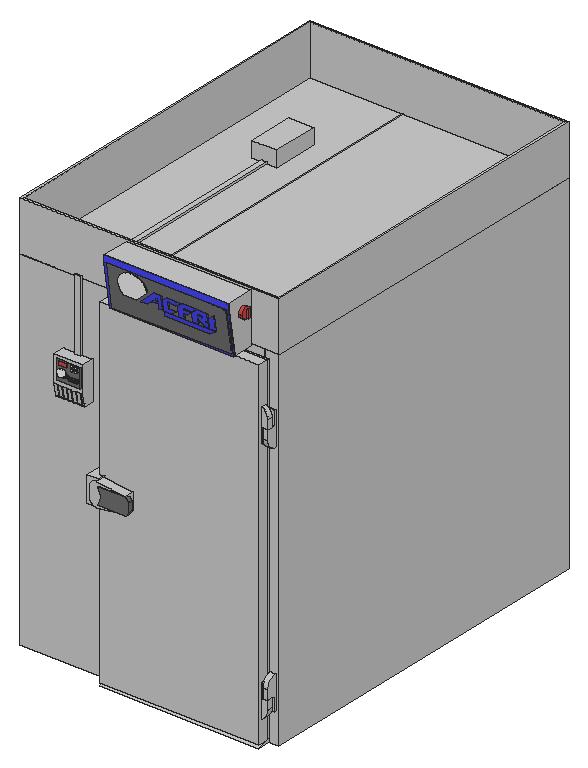
Revit family "QF_ACFRI_AR480-P850.190709093202", category Specialty Equipment, Revit 2016
Family settings
  Part Type = Normal
  Round Connector Dimension = Use Diameter
  OmniClass Number = 23.40.40.14
  OmniClass Title = Food Service Equipment
  Work Plane-Based = No
  Always vertical = Yes
  Cut with Voids When Loaded = No
  Shared = No
  Room Calculation Point = No
Parameters (values of type "AR480-P850_400V/3Ph/50Hz")
  URL catalogue = ""
  URL = "www.acfri.com"
  Type de Raccord Electrique [instance] = ""
  Type article [instance] = ""
  Tension = 400 V
  Status [instance] = ""
  Spécification technique = ""
  Spécification du Fabricant [instance] = ""
  Spécification de l'Utilisateur [instance] = ""
  SMACNA No spécifique pour les matériaux  Etats Unis = ""
  Quantité par lot [instance] = no
  Puissance électrique  = 21314 W
  Puissance en CV = ""
  Puissance Apparente = 21314 VA
  Protection de l'Appareil = 0 A
  Profondeur hors tout = 2050 mm
  Poids net à vide = 0.00 kg
  Phase = 3
  Numéro de Série = ""
  Nombres de Pôles = 3
  Nombre d'identification NAFEM = ""
  Model = "AR480-P850"
  Manufacturer = "ACFRI"
  Longueur hors tout = 1466 mm
  Intensité nominale courant electrique = 11 A
  Installé Par [instance] = ""
  Identifiant Equipement [instance] = no
  Hauteur hors tout = 2270 mm
  Hauteur de Raccordement du Sol Finis [instance] = 2032 mm
  Hauteur de Raccordement du Sol Brut [instance] = 0 mm
  Fréquence = 50 Hz
  Fournis Par [instance] = ""
  Description = "GROUPE À AIR À DISTANCE BASIC"
  Câble de connexion à l'appareil inclus = no
  Cost = 0
  Consommation d'énergie minimale = 0 A
  Connexion prise électrique  = ""
  Code de Révision [instance] = ""
  Classification dans le projet = ""
  Classement sismique = ""
  Accessoires = no
Reference planes
  plane 1 "Centre (avant/arrière)": y = 0
  plane 2: z = 0
  plane 3 "Centre (gauche/droite)": x = 0
Forms (mm)
  Extrusion 1, solid, not visible
    sketch origin (333, -474, 2031) x (1, 0, 0) y (0, 1, 0)
      loop
        line (0, 0) -> (2, 0) -> (2, 2) -> (0, 2) -> (0, 0)
    from 0 to 2
Dimensions and locks
  aligned and locked: level to plane 2
Nested families
  nested 1: "QF_ACFRI_AR480-P850_400V_3Ph_50Hz" at (0, 0, 0), type "AR480-P850_400V/3Ph/50Hz"
    with Show Logo yes, Show Clearance yes
  nested 2: "QF_ACFRI_AR160-STD_DOOR_RX" at (156, -905, 0), type "AR160-STD_DOOR_RX"
    with Show Logo yes, Show Clearance yes
Connectors
  electrical at (334, -472, 2032), driven by "Puissance Apparente", driven by "Nombres de Pôles", driven by "Tension"
    settings: on Extrusion 1, index 1, voltage 400 V, apparent load 0 VA, apparent load phase1 21314 VA, apparent load phase2 0 VA, apparent load phase3 0 VA, power factor 1, load classification "Other", number of poles 3, system type 31, power factor state 1, is connector primary yes, connector utility no, sub classification motor no, connector description "Electric connection for 'AR480-P850'"
Definition of nested family "QF_ACFRI_AR480-P850_400V_3Ph_50Hz"
  Parameters (values of type "AR480-P850_400V/3Ph/50Hz")
    URL = "www.acfri.com"
    Show Logo [instance] = yes
    Show Clearance [instance] = yes
    Model = "AR480-P850"
    Manufacturer = "ACFRI"
    Description = "BASIC REMOTE AIR COOLED CONDENSING UNIT"
    Assembly Code = "E1090320"
  Reference planes
    plane 1 "Back": y = 0
    plane 2: z = 0
    plane 3 "Left": x = 0
    plane 4 "Right": x = 1466
    plane 5 "Front": y = -2050
    plane 6 "Top": z = 2270
  Forms (mm)
    Extrusion 1, solid
      sketch origin (156, 0, -150) x (0, 1, 0) y (0, 0, 1)
        loop
          line (0, 2137.146) -> (-2050, 2137.146) -> (-2050, 150) -> (0, 150) -> (0, 2137.146)
      from -156 to 378.525
    Extrusion 2, solid
      sketch origin (591.596, -1349.562, 360.649) x (0, 1, 0) y (0, 0, 1)
        loop
          line (-860.438, 1899.473) -> (-860.438, 1866.552) -> (-820.062, 1616.095) -> (-700.438, 1616.095) -> (-700.438, 1899.473) -> (-860.438, 1899.473)
      from 12.404 to 717.404
    Extrusion 3, solid
      sketch origin (156, -1349.562, -150) x (1, 0, 0) y (0, 0, 1)
        loop
          line (353.044, 2098.234) -> (353.044, 167.649) -> (1253.452, 167.649) -> (1253.452, 2098.234) -> (353.044, 2098.234)
        loop
          line (378.525, 2072.928) -> (378.525, 187.955) -> (1227.971, 187.955) -> (1227.971, 2072.928) -> (378.525, 2072.928)
      from 700.438 to 711.223
    Extrusion 4, solid
      sketch origin (1404.08, 0, -150) x (0, 1, 0) y (0, 0, 1)
        loop
          line (0, 2137.146) -> (-2050, 2137.146) -> (-2050, 150) -> (0, 150) -> (0, 2137.146)
      from -20.109 to 61.92
    Extrusion 5, solid
      sketch origin (156, 0, -150) x (0, 1, 0) y (0, 0, 1)
        loop
          line (-2050, 2137.146) -> (-2050, 2072.928) -> (-68.458, 2072.928) -> (-68.458, 167) -> (-2050, 167) -> (-2050, 150) -> (0, 150) -> (0, 2137.146) -> (-2050, 2137.146)
      from 378.525 to 1227.971
    Extrusion 6, solid
      sketch origin (591.596, -1349.562, 360.649) x (0, 1, 0) y (0, 0, 1)
        loop
          circle (-764.498, 1820.753) r 30.24
      from 717.404 to 742.404
    Extrusion 7, solid
      sketch origin (591.596, -1349.562, 360.649) x (0, 1, 0) y (0, 0, 1)
        loop
          line (-759.416, 1843.51) -> (-767.3, 1843.902) -> (-769.581, 1797.996) -> (-761.696, 1797.604) -> (-759.416, 1843.51)
      from 742.404 to 757.404
    Extrusion 8, solid
      sketch origin (591.596, -1349.562, 360.649) x (0, 1, 0) y (0, 0, 1)
        loop
          line (-860.438, 1866.552) -> (-862.464, 1866.552) -> (-823.174, 1622.834) -> (-821.149, 1622.834) -> (-860.438, 1866.552)
      from 26.504 to 703.304
    Extrusion 9, solid
      sketch origin (591.596, -1349.562, 360.649) x (0, 1, 0) y (0, 0, 1)
        loop
          line (-859.438, 1899.473) -> (-861.438, 1899.473) -> (-861.438, 1866.392) -> (-821.088, 1616.095) -> (-819.062, 1616.095) -> (-859.438, 1866.552) -> (-859.438, 1899.473)
      from 12.404 to 717.404
    Extrusion 10, solid, visible <- "Show Logo"
      sketch origin (644.105, -2129.491, 1721.514) x (1, 0, 0) y (0, -0.159156, 0.987253)
        loop
          line (129.695, 367.647) -> (196.524, 434.476)
          arc (196.524, 434.476) -> (78.635, 500.079) -> (52.881, 367.647) r 83.333
          line (52.881, 367.647) -> (129.695, 367.647)
      from 0 to 2.5
    Extrusion 11, solid, visible <- "Show Logo"
      sketch origin (479.066, -2129.491, 1721.514) x (1, 0, 0) y (0, -0.159156, 0.987253)
        loop
          line (318.631, 367.647) -> (353.299, 367.647) -> (418.664, 433.012) -> (418.664, 406.346) -> (398.768, 406.346) -> (383.537, 391.115) -> (418.664, 391.115) -> (418.664, 367.647) -> (441.167, 367.647) -> (441.167, 447.647) -> (398.631, 447.647) -> (318.631, 367.647)
        loop
          line (448.944, 367.647) -> (493.774, 367.647) -> (521.549, 389.347) -> (479.182, 389.347) -> (479.182, 425.709) -> (524.998, 425.709) -> (553.077, 447.647) -> (475.047, 447.647) -> (448.944, 427.254) -> (448.944, 367.647)
        loop
          line (532.515, 367.647) -> (565.319, 367.647) -> (565.319, 394.314) -> (583.754, 394.314) -> (607.252, 414.031) -> (565.319, 414.031) -> (565.319, 425.49) -> (611.115, 425.49) -> (639.475, 447.647) -> (562.906, 447.647) -> (532.515, 422.146) -> (532.515, 367.647)
        loop
          line (611.712, 367.647) -> (644.318, 367.647) -> (644.318, 395.695) -> (682.923, 367.647) -> (702.113, 367.647) -> (702.113, 386.053) -> (689.341, 396.77) -> (702.113, 406.748) -> (702.113, 447.647) -> (647.314, 447.647) -> (611.712, 417.774) -> (611.712, 367.647)
        loop
          line (644.318, 425.49) -> (644.318, 414.031) -> (672.553, 414.031) -> (672.553, 425.49) -> (644.318, 425.49)
        loop
          line (708.789, 367.647) -> (739.436, 367.647) -> (739.436, 447.647) -> (708.789, 423.703) -> (708.789, 367.647)
        loop
          line (448.944, 360.305) -> (448.944, 337.873) -> (706.045, 337.873) -> (739.301, 360.305) -> (448.944, 360.305)
      from 0 to 2.5
    Extrusion 12, solid
      sketch origin (156, 0, 363.091) x (1, 0, 0) y (0, 1, 0)
        loop
          line (-156, 0) -> (-156, -2050) -> (1310, -2050) -> (1310, 0) -> (-156, 0)
        loop
          line (-146, -10) -> (-146, -2040) -> (1300, -2040) -> (1300, -10) -> (-146, -10)
      from 1624.055 to 1906.909
    Extrusion 13, solid
      sketch origin (156, -1065, 0) x (0, 1, 0) y (0, 0, 1)
        loop
          line (-985, 0) -> (-985, 17) -> (-1055, 0) -> (-985, 0)
      from 353.044 to 1253.452
    Extrusion 14, solid
      sketch origin (156, 0, 0) x (1, 0, 0) y (0, 1, 0)
        loop
          line (365.002, 35) -> (365.002, 0) -> (435.123, 0) -> (435.123, 35) -> (365.002, 35)
        loop
          line (1192.879, 35) -> (1192.879, 0) -> (1263, 0) -> (1263, 35) -> (1192.879, 35)
      from 0 to 2070
    Extrusion 15, solid
      sketch origin (156, -940, 0) x (1, 0, 0) y (0, 0, 1)
        loop
          line (163.379, 1997.56) -> (163.379, 1594.193) -> (193.078, 1594.193) -> (193.078, 1997.56) -> (163.379, 1997.56)
      from 1110 to 1120.414
    Extrusion 16, solid
      sketch origin (156, -940, 0) x (0, 1, 0) y (0, 0, 1)
        loop
          line (-1110, 1594.193) -> (-1180, 1594.193) -> (-1180, 1444.978) -> (-1169, 1383.958) -> (-1169, 1378.958) -> (-1110, 1378.958) -> (-1110, 1594.193)
      from 91.465 to 255.957
    Extrusion 17, void
      sketch origin (156, -905, 0) x (1, 0, 0) y (0, 0, 1)
        loop
          line (110.072, 1444.978) -> (110.072, 1378.958) -> (115.036, 1378.958) -> (115.036, 1444.978) -> (110.072, 1444.978)
        loop
          line (136.342, 1444.978) -> (136.342, 1378.958) -> (141.306, 1378.958) -> (141.306, 1444.978) -> (136.342, 1444.978)
        loop
          line (162.612, 1444.978) -> (162.612, 1378.958) -> (167.575, 1378.958) -> (167.575, 1444.978) -> (162.612, 1444.978)
        loop
          line (188.881, 1444.978) -> (188.881, 1378.958) -> (193.845, 1378.958) -> (193.845, 1444.978) -> (188.881, 1444.978)
        loop
          line (215.151, 1444.978) -> (215.151, 1378.958) -> (220.115, 1378.958) -> (220.115, 1444.978) -> (215.151, 1444.978)
        loop
          line (241.421, 1444.978) -> (241.421, 1378.958) -> (246.384, 1378.958) -> (246.384, 1444.978) -> (241.421, 1444.978)
      from 1200.255 to 1243.146
    Extrusion 18, solid
      sketch origin (156, -2739.193, 877.146) x (1, 0, 0) y (0, 1, 0)
        loop
          line (163.379, 2001.744) -> (163.379, 699.193) -> (193.078, 699.193) -> (193.078, 2001.744) -> (163.379, 2001.744)
      from 1110 to 1120.414
    Extrusion 19, solid
      sketch origin (156, 0, 0) x (1, 0, 0) y (0, 1, 0)
        loop
          line (108.228, -737.449) -> (248.228, -737.449) -> (248.228, -477.449) -> (108.228, -477.449) -> (108.228, -737.449)
      from 1987.146 to 2077.146
    Extrusion 20, solid
      sketch origin (156, -472.449, 0) x (1, 0, 0) y (0, 0, 1)
        loop
          circle (178.228, 2032.146) r 5
      from 0 to 5
    Extrusion 21, solid
      sketch origin (168.756, -2120, 1122.716) x (1, 0, 0) y (0, 0, 1)
        loop
          line (93.554, 456.477) -> (93.554, 347.31) -> (228.354, 347.31) -> (228.354, 456.477) -> (93.554, 456.477)
      from 0 to 2
    Extrusion 22, solid
      sketch origin (168.756, -2120, 1122.716) x (1, 0, 0) y (0, 0, 1)
        loop
          line (108.554, 446.477) -> (108.554, 426.477) -> (153.209, 426.477) -> (153.209, 446.477) -> (108.554, 446.477)
      from 0 to 2.5
    Extrusion 23, solid
      sketch origin (168.756, -2120, 1122.716) x (1, 0, 0) y (0, 0, 1)
        loop
          circle (180.595, 446.477) r 7.041
        loop
          circle (205.595, 446.477) r 6.977
        loop
          circle (180.595, 426.477) r 6.969
        loop
          circle (205.595, 426.477) r 6.966
      from 0 to 2.5
    Extrusion 24, solid, visible <- "Show Logo"
      sketch origin (168.756, -2120, 1122.716) x (1, 0, 0) y (0, 0, 1)
        loop
          arc (151.176, 389.128) -> (113.283, 410.215) -> (105.005, 367.647) r 26.786
          line (105.005, 367.647) -> (129.695, 367.647) -> (151.176, 389.128)
      from 0 to 2.5
    Extrusion 25, solid, visible <- "Show Logo"
      sketch origin (168.756, -2120, 1122.716) x (1, 0, 0) y (0, 0, 1)
        loop
          line (137.376, 372.576) -> (143.877, 372.576) -> (156.132, 384.832) -> (156.132, 379.832) -> (152.402, 379.832) -> (149.546, 376.976) -> (156.132, 376.976) -> (156.132, 372.576) -> (160.352, 372.576) -> (160.352, 387.576) -> (152.376, 387.576) -> (137.376, 372.576)
        loop
          line (161.81, 372.576) -> (170.216, 372.576) -> (175.423, 376.645) -> (167.48, 376.645) -> (167.48, 383.463) -> (176.07, 383.463) -> (181.335, 387.576) -> (166.704, 387.576) -> (161.81, 383.752) -> (161.81, 372.576)
        loop
          line (177.48, 372.576) -> (183.63, 372.576) -> (183.63, 377.576) -> (187.087, 377.576) -> (191.493, 381.273) -> (183.63, 381.273) -> (183.63, 383.421) -> (192.217, 383.421) -> (197.534, 387.576) -> (183.178, 387.576) -> (177.48, 382.794) -> (177.48, 372.576)
        loop
          line (192.329, 372.576) -> (198.443, 372.576) -> (198.443, 377.835) -> (205.681, 372.576) -> (209.279, 372.576) -> (209.279, 376.027) -> (206.884, 378.036) -> (209.279, 379.907) -> (209.279, 387.576) -> (199.004, 387.576) -> (192.329, 381.975) -> (192.329, 372.576)
        loop
          line (198.443, 383.421) -> (198.443, 381.273) -> (203.737, 381.273) -> (203.737, 383.421) -> (198.443, 383.421)
        loop
          line (210.531, 372.576) -> (216.277, 372.576) -> (216.277, 387.576) -> (210.531, 383.086) -> (210.531, 372.576)
        loop
          line (161.81, 371.199) -> (161.81, 366.993) -> (210.016, 366.993) -> (216.252, 371.199) -> (161.81, 371.199)
      from 0 to 2.5
  Cuts and joins
    Extrusion 17 cuts Extrusion 16
  Lines and regions (mm)
    symbolic lines
      curve 1: line (0, 0, 0) -> (1466, 0, 0)
      curve 2: line (0, -2050, 0) -> (0, 0, 0)
      curve 3: line (1466, -2050, 0) -> (0, -2050, 0)
      curve 4: line (1466, 0, 0) -> (1466, -2050, 0)
      curve 5: line (604, -2050, 0) -> (604, -2210, 0)
      curve 6: line (604, -2210, 0) -> (1309, -2210, 0)
      curve 7: line (1309, -2210, 0) -> (1309, -2050, 0)
      curve 8: line (1334, -2083.82, 0) -> (1309, -2083.82, 0)
      curve 9: line (1334, -2083.82, 0) -> (1334, -2144.3, 0)
      curve 10: line (1334, -2144.3, 0) -> (1309, -2144.3, 0)
      curve 11: line (1349, -2119.142, 0) -> (1349, -2108.977, 0)
      curve 12: line (1349, -2108.977, 0) -> (1334, -2108.977, 0)
      curve 13: line (1349, -2119.142, 0) -> (1334, -2119.142, 0)
      curve 14: line (10, -10, 0) -> (1456, -10, 0)
      curve 15: line (10, -2040, 0) -> (10, -10, 0)
      curve 16: line (1456, -2040, 0) -> (10, -2040, 0)
      curve 17: line (1456, -10, 0) -> (1456, -2040, 0)
      curve 18: line (509.044, -2050, 0) -> (509.044, -2120, 0)
      curve 19: line (1421.561, -2050, 0) -> (1421.561, -2120, 0)
      curve 20: line (509.044, -2120, 0) -> (604, -2120, 0)
      curve 21: line (1421.561, -2120, 0) -> (1334, -2120, 0)
      curve 22: line (521.002, 35, 0) -> (591.123, 35, 0)
      curve 23: line (591.123, 35, 0) -> (591.123, 0, 0)
      curve 24: line (521.002, 35, 0) -> (521.002, 0, 0)
      curve 25: line (1348.879, 35, 0) -> (1419, 35, 0)
      curve 26: line (1419, 35, 0) -> (1419, 0, 0)
      curve 27: line (1348.879, 35, 0) -> (1348.879, 0, 0)
      curve 28: line (247.465, -2120, 0) -> (247.465, -2050, 0)
      curve 29: line (411.957, -2120, 0) -> (411.957, -2050, 0)
      curve 30: line (247.465, -2120, 0) -> (411.957, -2120, 0)
      curve 31: line (264.228, -477.449, 0) -> (404.228, -477.449, 0)
      curve 32: line (264.228, -737.449, 0) -> (264.228, -477.449, 0)
      curve 33: line (404.228, -737.449, 0) -> (264.228, -737.449, 0)
      curve 34: line (404.228, -477.449, 0) -> (404.228, -737.449, 0)
      curve 35: line (319.379, -737.449, 0) -> (319.379, -2040, 0)
      curve 36: line (349.078, -2040, 0) -> (349.078, -737.449, 0)
  Dimensions and locks
    plane 3 "Left" to plane 4 "Right" = 1466 mm
    plane 5 "Front" to plane 1 "Back" = 2050 mm
    plane 6 "Top" to level = 2270 mm
    aligned and locked: level to plane 2
  Connectors
    electrical at (334.228, -472.449, 2032.146)
      settings: on Extrusion 20, index 2, voltage 0 V, apparent load 0 VA, apparent load phase1 0 VA, apparent load phase2 0 VA, apparent load phase3 0 VA, power factor 1, load classification none, number of poles 1, system type 31, power factor state 1, is connector primary yes, connector utility no, sub classification motor no, connector description "Electrical connection"
Definition of nested family "QF_ACFRI_AR160-STD_DOOR_RX"
  Parameters (values of type "AR160-STD_DOOR_RX")
    URL catalogue [instance] = ""
    URL = "www.acfri.com"
    Status [instance] = ""
    Spécification technique [instance] = ""
    Spécification du Fabricant [instance] = ""
    Spécification de l'Utilisateur [instance] = ""
    Show Logo [instance] = yes
    Show Clearance [instance] = yes
    SMACNA No spécifique pour les matériaux  Etats Unis [instance] = ""
    Quantité par lot [instance] = no
    Profondeur hors tout [instance] = 60 mm
    Poids net à vide [instance] = 0.00 kg
    Numéro de Série [instance] = ""
    Nombre d'identification NAFEM [instance] = ""
    Model = "AR160-STD_DOOR_RX"
    Manufacturer = "ACFRI"
    Longueur hors tout [instance] = 900 mm
    Installé Par [instance] = ""
    Identifiant Equipement [instance] = no
    Hauteur hors tout [instance] = 1930 mm
    Fournis Par [instance] = ""
    Description = "PORTE AVEC OUVERTURE DROITE"
    Cost = 0
    Code de Révision [instance] = ""
    Classification dans le projet [instance] = ""
    Classement sismique [instance] = ""
    Assembly Code = "E1090320"
    Accessoires [instance] = yes
  Reference planes
    plane 1 "Back": y = 0
    plane 2: z = 0
    plane 3 "Left": x = 0
    plane 4 "Right": x = 1310
    plane 5 "Front": y = -1145
    plane 6 "Top": z = 2270
  Forms (mm)
    Extrusion 1, solid
      sketch origin (0, -444.562, -150) x (1, 0, 0) y (0, 0, 1)
        loop
          line (353.044, 2098.234) -> (353.044, 167.649) -> (1253.452, 167.649) -> (1253.452, 2098.234) -> (353.044, 2098.234)
        loop
          line (378.525, 2072.928) -> (378.525, 187.955) -> (1227.971, 187.955) -> (1227.971, 2072.928) -> (378.525, 2072.928)
      from 700.438 to 711.223
    Extrusion 2, solid
      sketch origin (277.892, -160, 0) x (1, 0, 0) y (0, 0, 1)
        loop
          line (75.152, 1948.234) -> (75.152, 17.649) -> (975.561, 17.649) -> (975.561, 1948.234) -> (75.152, 1948.234)
      from 995.785 to 1055
    Extrusion 3, solid
      sketch origin (425.137, -160, 0) x (1, 0, 0) y (0, 0, 1)
        loop
          line (113.468, 1049.125) -> (-48.815, 1069.051)
          arc (-48.815, 1069.051) -> (-79.244, 1056.446) -> (-91.848, 1026.017) r 43.033
          line (-91.848, 1026.017) -> (-91.848, 978.102)
          arc (-91.848, 978.102) -> (-79.244, 947.673) -> (-48.815, 935.069) r 43.033
          line (-48.815, 935.069) -> (113.468, 954.995) -> (113.468, 1049.125)
      from 1055.785 to 1105.372
    Extrusion 4, solid
      sketch origin (425.137, -1271.785, 0) x (1, 0, 0) y (0, 0, 1)
        loop
          arc (134.453, 1025.73) -> (127.816, 1041.753) -> (111.793, 1048.39) r 22.66
          line (111.793, 1048.39) -> (-40.547, 1048.39)
          arc (-40.547, 1048.39) -> (-24.991, 1002.06) -> (-40.547, 955.73) r 76.77
          line (-40.547, 955.73) -> (111.793, 955.73)
          arc (111.793, 955.73) -> (127.816, 962.367) -> (134.453, 978.39) r 22.66
          line (134.453, 978.39) -> (134.453, 1025.73)
      from -19.846 to 0.154
    Extrusion 5, solid
      sketch origin (506.59, 30, 0) x (0, 1, 0) y (0, 0, 1)
        loop
          line (-1175, 1703.284) -> (-1185, 1703.284) -> (-1185, 1623.308) -> (-1233.008, 1623.308) -> (-1233.008, 1571.46)
          arc (-1233.008, 1571.46) -> (-1216.018, 1530.442) -> (-1175, 1513.452) r 58.008
          line (-1175, 1513.452) -> (-1175, 1703.284)
      from 756.862 to 786.362
    Extrusion 6, solid
      sketch origin (78.452, -1959.87, 3246.615) x (-1, 0, 0) y (0, 0, 1)
        loop
          line (-1175, -1703.284) -> (-1175, -1516.484)
          arc (-1175, -1516.484) -> (-1203.601, -1537.613) -> (-1214.5, -1571.46) r 58.008
          line (-1214.5, -1571.46) -> (-1214.5, -1623.308) -> (-1185, -1623.308) -> (-1185, -1703.284) -> (-1175, -1703.284)
      from 756.862 to 786.362
    Extrusion 7, solid
      sketch origin (506.59, 30, 1875.101) x (0, 1, 0) y (0, 0, 1)
        loop
          line (-1175, -1703.284) -> (-1175, -1513.452)
          arc (-1175, -1513.452) -> (-1216.018, -1530.442) -> (-1233.008, -1571.46) r 58.008
          line (-1233.008, -1571.46) -> (-1233.008, -1623.308) -> (-1185, -1623.308) -> (-1185, -1703.284) -> (-1175, -1703.284)
      from 756.862 to 786.362
    Extrusion 8, solid
      sketch origin (78.452, -1959.87, -1371.514) x (-1, 0, 0) y (0, 0, 1)
        loop
          line (-1175, 1703.284) -> (-1185, 1703.284) -> (-1185, 1623.308) -> (-1214.5, 1623.308) -> (-1214.5, 1571.46)
          arc (-1214.5, 1571.46) -> (-1203.601, 1537.613) -> (-1175, 1516.484) r 58.008
          line (-1175, 1516.484) -> (-1175, 1703.284)
      from 756.862 to 786.362
    Extrusion 9, solid
      sketch origin (308.605, -160, 0) x (1, 0, 0) y (0, 0, 1)
        loop
          line (67.717, 1069.051) -> (67.717, 1074.051) -> (0, 1074.051) -> (0, 930.069) -> (67.717, 930.069) -> (67.717, 935.069)
          arc (67.717, 935.069) -> (37.288, 947.673) -> (24.684, 978.102) r 43.033
          line (24.684, 978.102) -> (24.684, 1026.017)
          arc (24.684, 1026.017) -> (37.288, 1056.446) -> (67.717, 1069.051) r 43.033
      from 985 to 1091.939
    Extrusion 10, solid, visible <- "Show Clearance", detail levels coarse
      sketch origin (277.892, -160, 0) x (1, 0, 0) y (0, 1, 0)
        loop
          line (975.561, -1055) -> (54.019, -1055)
          arc (54.019, -1055) -> (303.054, -1685.058) -> (915.561, -1974.586) r 921.542
          line (915.561, -1974.586) -> (975.561, -1974.586) -> (975.561, -1055)
      from 17.649 to 1948.234
  Lines and regions (mm)
    symbolic lines, visible <- "Show Clearance"
      curve 1: line (1253.452, -2134.586, 0) -> (1253.452, -1215, 0)
      curve 2: line (1193.452, -2134.586, 0) -> (1253.452, -2134.586, 0)
      curve 3: line (1193.452, -2134.586, 0) -> (1193.452, -1215, 0)
      curve 4: arc (331.911, -1215, 0) -> (580.945, -1845.058, 0) -> (1193.452, -2134.586, 0) r 921.542
  Dimensions and locks
    plane 3 "Left" to plane 4 "Right" = 1310 mm
    plane 5 "Front" to plane 1 "Back" = 1145 mm
    plane 6 "Top" to level = 2270 mm
    aligned and locked: level to plane 2
